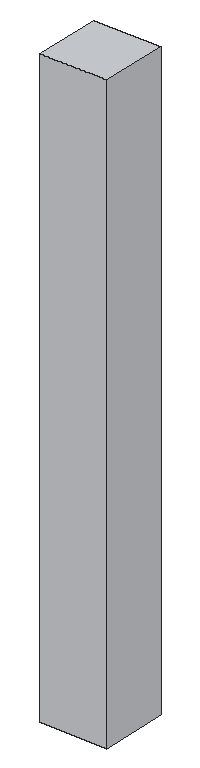
Revit family "Columns_Rectangular", category Columns, Revit 2016
Family settings
  Cut with Voids When Loaded = No
  Automatically joins geometry to walls = Yes
  Shared = No
  Show family pre-cut in plan views = Yes
Parameters (values of type "450x450mm")
  Keynote = "G"
  Depth = 450 mm
  Material = none
  Offset Base = 0 mm
  Offset Top = 0 mm
  Width = 450 mm
Types (3, lengths in mm): name | Depth | Width
  450x600mm | 450 | 600
  600x600mm | 600 | 600
  450x450mm | 450 | 450
Reference planes
  plane 1: y = 0
  plane 2: z = 0
  plane 3: x = 0
  plane 4: z = 4000
  plane 5: z = 0
  plane 6: x = -225
  plane 7: x = 225
  plane 8: y = -225
  plane 9: y = 225
Forms (mm)
  Extrusion 1, solid, material <- "Material"
    sketch origin (0, 0, 0) x (1, 0, 0) y (0, 1, 0)
      loop
        line (-225, 225) -> (-225, -225) -> (225, -225) -> (225, 225) -> (-225, 225)
    from 0 to 4000
Dimensions and locks
  "Offset Base": plane 5 to level
  "Offset Top": level to plane 4
  equal spacing: plane 6, plane 3, plane 7
  "Width": plane 6 to plane 7
  equal spacing: plane 8, plane 1, plane 9
  "Depth": plane 8 to plane 9
  aligned and locked: plane 4 to Extrusion 1
  aligned and locked: Extrusion 1 to plane 5
Automatic sketch dimensions
  Extrusion 1 sketch curve to plane 6 = 0 mm
  Extrusion 1 sketch curve to plane 7 = 0 mm
  Extrusion 1 sketch curve to plane 8 = 0 mm
  Extrusion 1 sketch curve to plane 9 = 0 mm
